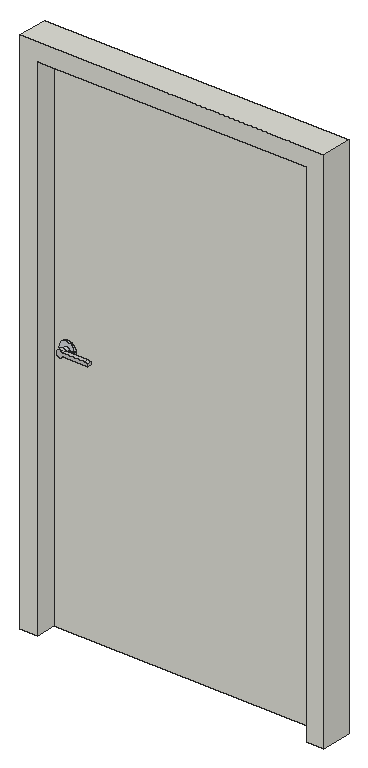
Revit family "D2_D3_甲種防火門", category 門, Revit 2014
Parameters (values of type "120 x 210 cm")
  熱阻 (R) = 0.270117 (m²·K)/W
  Visual Light Transmittance = 0
  Solar Heat Gain Coefficient = 0
  營造類型 Id = "MDOOR"
  關鍵註記 = "單開門-矩形"
  傳熱係數 (U) = 3.7021 W/(m²·K)
  功能 = 室內
  門扇材料 = none
  門扇寬度 = Width - 2 * 開門側框寬度  # 1100 mm
  門扇厚度 = 40 mm
  Assembly Code = ""
  Rough Height = Height  # 2100 mm
  Rough Width = Width  # 1200 mm
  框架深度 = 120 mm
  框擋板寬度 = 門扇厚度 / 2  # 20 mm
  框總寬度 [instance] = 開門側框寬度 + 框擋板寬度  # 70 mm
  Height = 2100 mm
  牆封閉 = 依主體
  框架材料 = none
  開門側框寬度 = 50 mm
  握把五金 = none
  Width = 1200 mm
  操作 = "左單開門方向"
  解析營造 = "金屬"
Types (2, lengths in mm): name | 門扇寬度 | Rough Width | Width
  120 x 210 cm | 1100 | 1200 | 1200
  100 x 210 cm | 900 | 1000 | 1000
Reference planes
  plane 1: y = -210
  plane 2 "中心 (左/右)": x = 0
  plane 3 "左": x = -600
  plane 4 "右": x = 600
  plane 5: z = 2100
  plane 6 "外部": y = -135
  plane 7 "內部": y = -285
  plane 8: y = 320
  plane 9: y = -740
  plane 10: z = 1050
Forms (mm)
  Sweep 1, solid, material "鋼、油漆塗層、象牙白色、霧面"
    path origin (-5000, -210, 0) x (-1, 0, 0) y (0, 0, 1)
      loop
        line (-5600, 0) -> (-5600, 2100) -> (-4400, 2100) -> (-4400, 0)
    profile origin (600, -210, 1050) x (1, 0, 0) y (0, 1, 0)
      loop
        line (0, 60) -> (-50, 60) -> (-50, 20) -> (-70, 20) -> (-70, -60) -> (0, -60) -> (0, 60)
  Extrusion 2, solid, material "鋼、油漆塗層、象牙白色、霧面"
    sketch origin (-5000, -210, 0) x (1, 0, 0) y (0, 0, 1)
      loop
        line (4450, 2050) -> (4450, 0) -> (5550, 0) -> (5550, 2050) -> (4450, 2050)
    from -60 to -20
Lines and regions (mm)
  Opening 1
    outline origin (-3050, -285, 0) x (1, 0, 0) y (0, 0, 1)
      loop
        line (2450, 0) -> (3650, 0) -> (3650, 2100) -> (2450, 2100) -> (2450, 0)
  symbolic lines, style "Doors"
    curve 1: line (-550, -150, 0) -> (-510, -150, 0)
    curve 2: line (-550, 950, 0) -> (-550, -150, 0)
    curve 3: line (-510, 950, 0) -> (-550, 950, 0)
    curve 4: line (-510, -150, 0) -> (-510, 950, 0)
  symbolic lines, style "平面圖打開方向"
    curve 5: arc (550, -150, 0) -> (241.833, 613.544, 0) -> (-510, 949.272, 0) r 1100
  symbolic lines, style "DoorsFrameMullionProjection"
    curve 6: line (-550, -150, 0) -> (-600, -150, 0)
    curve 7: line (-550, -270, 0) -> (-550, -150, 0)
    curve 8: line (-600, -270, 0) -> (-550, -270, 0)
    curve 9: line (-600, -150, 0) -> (-600, -270, 0)
    curve 10: line (550, -150, 0) -> (600, -150, 0)
    curve 11: line (550, -270, 0) -> (550, -150, 0)
    curve 12: line (600, -270, 0) -> (550, -270, 0)
    curve 13: line (600, -150, 0) -> (600, -270, 0)
  symbolic lines, style "立面圖打開方向"
    curve 14: line (-600, -285, 1050) -> (600, -285, 0)
    curve 15: line (-600, -135, 1050) -> (600, -135, 2100)
Text (mm)
  text "外部" at (-2295.016, 1099.543, 0), in view "參考樓層"
  text "外部" at (0, 1615.38, 3698.081), in view "左"
  text "外部" at (0, 1036.032, 3874.932), in view "右"
Dimensions and locks
  equal spacing: plane 3 "左", plane 2 "中心 (左/右)", plane 4 "右"
  "Width": plane 3 "左" to plane 4 "右"
  "Height": plane 5 to host wall
  host wall to plane 5 = 2100 mm  (x2)
  locked: plane 6 "外部" to host wall at 0
  locked: plane 7 "內部" to host wall
  equal spacing: Sweep 1 sketch curve, host wall, Sweep 1 sketch curve
  "框架深度": Sweep 1 sketch curve to Sweep 1 sketch curve
  "門扇厚度": Sweep 1 sketch curve to Sweep 1 sketch curve
  "開門側框寬度": Sweep 1 sketch curve to Sweep 1 sketch curve
  "框擋板寬度": Sweep 1 sketch curve to Sweep 1 sketch curve
  "Width": Sweep 1 sketch curve to Sweep 1 sketch curve
  "門扇厚度": curve 2 to curve 4
  "門扇寬度": curve 3 to curve 1
  "開門側框寬度": curve 11 to Sweep 1
  "開門側框寬度": curve 9 to curve 7
  equal spacing: Sweep 1, host wall, Sweep 1  (x2)
  "框架深度": Sweep 1 to Sweep 1  (x2)
  equal spacing: curve 6, plane 1, curve 8
  "框架深度": curve 6 to curve 8
  equal spacing: curve 12, plane 1, curve 10
  "框架深度": curve 12 to curve 10
  equal spacing: plane 8, plane 1, plane 9
  plane 8 to plane 9 = 1060 mm
  "門扇厚度": Extrusion 2 to Extrusion 2
  equal spacing: plane 5, plane 10, level
  "門扇寬度": radius of curve 5
  aligned and locked: plane 3 "左" to Opening 1 sketch curve
  aligned and locked: plane 5 to Opening 1 sketch curve  (x2)
  aligned and locked: Opening 1 sketch curve to plane 4 "右"
  aligned and locked: Opening 1 sketch curve to level
  aligned and locked: plane 1 to host wall
  aligned and locked: Sweep 1 to Extrusion 2 sketch curve
  aligned and locked: Extrusion 2 sketch curve to Sweep 1  (x2)
  aligned and locked: level to Extrusion 2 sketch curve
  aligned and locked: Extrusion 2 to Sweep 1
  aligned and locked: plane 4 "右" to curve 15
  aligned and locked: plane 5 to curve 15
  aligned and locked: level to curve 14
  aligned and locked: plane 4 "右" to curve 14
  aligned and locked: plane 10 to curve 15
  aligned and locked: plane 3 "左" to curve 15
  aligned and locked: curve 14 to curve 15
Automatic sketch dimensions
  Sweep 1 sketch curve to plane 4 "右" = 0 mm
  Sweep 1 sketch curve to level = 0 mm  (x2)
  Sweep 1 sketch curve to plane 5 = 0 mm
  Sweep 1 sketch curve to profile plane = 0 mm
  curve 9 to plane 3 "左" = 0 mm
  curve 12 to plane 4 "右" = 0 mm
  curve 14 to plane 10 = 0 mm
Nested families
  nested 1: "喇叭鎖" at (365, 60, 1000), type "喇叭鎖", not visible
  nested 2: "喇叭鎖" at (365, 20, 1000), type "喇叭鎖", not visible
  nested 3: "水平鎖" at (-550, -150, 0), type "水平鎖"
  nested 4: "水平鎖" at (-550, -190, 0), type "水平鎖"
Definition of nested family "喇叭鎖"
  Parameters (values of type "喇叭鎖")
    Assembly Code = ""
    握把高度 = 1000 mm
    握把與版面側邊距離 = 75 mm
    握把五金 = none
  Reference planes
    plane 1 "中心 (前/後)": y = 0
    plane 2: z = 0
    plane 3 "中心 (左/右)": x = 0
    plane 4: x = 75
  Forms (mm)
    Revolve 1, solid, material <- "握把五金"
      sketch origin (511.236, -60, 1000) x (1, 0, 0) y (0, 1, 0)
        loop
          line (-436.236, 60) -> (-406.236, 60) -> (-406.236, 66) -> (-426.236, 66) -> (-426.236, 85) -> (-417.636, 85) -> (-411.236, 109.7) -> (-411.236, 113.2) -> (-415.736, 115) -> (-436.236, 115) -> (-436.236, 60)
        axis (-436.236, 60) -> (-436.236, 115)
      angle from 0 to 360
  Dimensions and locks
    "握把與版面側邊距離": plane 3 "中心 (左/右)" to plane 4
    "握把高度": Revolve 1 to level
  Automatic sketch dimensions
    plane 3 "中心 (左/右)" to Revolve 1 sketch curve = 75 mm  (x2)
    Revolve 1 sketch curve to plane 1 "中心 (前/後)" = 0 mm
    plane 3 "中心 (左/右)" to Revolve 1 sketch curve = 85 mm
    Revolve 1 sketch curve to Revolve 1 sketch curve = 8.6 mm
    plane 3 "中心 (左/右)" to Revolve 1 sketch curve = 95.5 mm
    Revolve 1 sketch curve to Revolve 1 sketch curve = 4.5 mm
    Revolve 1 sketch curve to Revolve 1 sketch curve = 20 mm
    plane 1 "中心 (前/後)" to Revolve 1 sketch curve = 60 mm
    Revolve 1 sketch curve to Revolve 1 sketch curve = 6 mm
    Revolve 1 sketch curve to Revolve 1 sketch curve = 19 mm
    Revolve 1 sketch curve to Revolve 1 sketch curve = 24.7 mm
    Revolve 1 sketch curve to Revolve 1 sketch curve = 3.5 mm
    Revolve 1 sketch curve to Revolve 1 sketch curve = 1.8 mm
    Revolve 1 sketch curve to Revolve 1 sketch curve = 200 mm
Definition of nested family "水平鎖"
  Parameters (values of type "水平鎖")
    Analytic Construction = "<無>"
    Assembly Code = ""
    握把高度 = 1000 mm
    握把與版面側邊距離 = 75 mm
    握把五金 = none
  Reference planes
    plane 1 "中心 (前/後)": y = 0
    plane 2: z = 0
    plane 3 "中心 (左/右)": x = 0
    plane 4: x = 75
    plane 5: y = 25
  Forms (mm)
    Revolve 1, solid, material <- "握把五金"
      sketch origin (511.236, -60, 1000) x (1, 0, 0) y (0, 1, 0)
        loop
          line (-436.236, 60) -> (-406.236, 60) -> (-406.236, 66) -> (-426.236, 66) -> (-426.236, 85) -> (-436.236, 85) -> (-436.236, 60)
        axis (-436.236, 60) -> (-436.236, 85)
      angle from 0 to 360
    Extrusion 2, solid, material "鋼、鍍鋅"
      sketch origin (85, 25, 1200) x (1, 0, 0) y (0, 0, -1)
        loop
          line (0.515, 192.356) -> (88.188, 192.356) -> (101.8, 197.356) -> (101.8, 205.425) -> (1.814, 205.425)
          arc (1.814, 205.425) -> (-22.936, 201.285) -> (0.515, 192.356) r 13
      from 0 to 15
  Dimensions and locks
    "握把與版面側邊距離": plane 3 "中心 (左/右)" to plane 4
    "握把高度": Revolve 1 to level
  Automatic sketch dimensions
    Revolve 1 sketch curve to plane 4 = 0 mm  (x2)
    Revolve 1 sketch curve to plane 5 = 0 mm
    plane 1 "中心 (前/後)" to Revolve 1 sketch curve = 0 mm
    Revolve 1 sketch curve to plane 1 "中心 (前/後)" = 6 mm
    Revolve 1 sketch curve to Revolve 1 sketch curve = 10 mm
    Revolve 1 sketch curve to Revolve 1 sketch curve = 20 mm
    Revolve 1 sketch curve to Revolve 1 sketch curve = 60 mm
    Revolve 1 sketch curve to Revolve 1 sketch curve = 230 mm
    Extrusion 2 sketch curve to plane 4 = 10.515 mm
    level to Extrusion 2 sketch curve = 1007.644 mm
    plane 4 to Extrusion 2 sketch curve = 0 mm
    Extrusion 2 sketch curve to plane 4 = 11.814 mm
    Extrusion 2 sketch curve to Extrusion 2 sketch curve = 86.374 mm
    Extrusion 2 sketch curve to Extrusion 2 sketch curve = 13.612 mm
    Extrusion 2 sketch curve to Extrusion 2 sketch curve = 5 mm
    Extrusion 2 sketch curve to Extrusion 2 sketch curve = 8.069 mm
